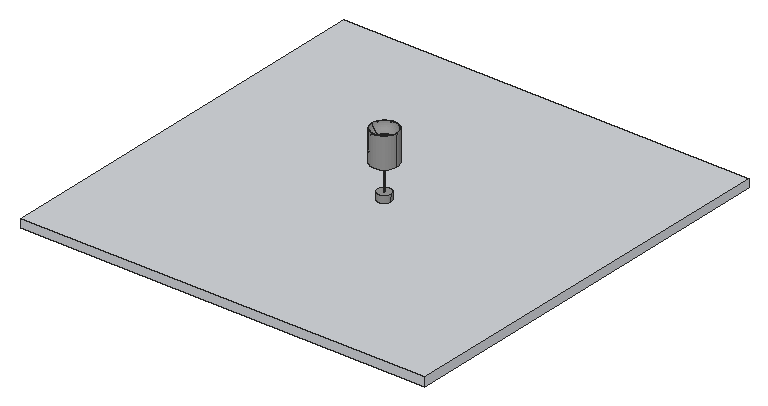
Revit family "LAMP_KOMBIC 150 SURFACE 3000 CRI80 OPTIC", category Luminarias, Revit 2018
Family settings
  Anfitrión = Cara
  Cota de conector redondo = Diámetro de uso
  Tipo de pieza = Normal
  Corte con vacíos al cargar = No
  Origen de luz = Sí
  Compartido = No
  Punto de cálculo de habitación = No
Parameters (values of type "1613LM 3000K  B/B")
  Ángulo de inclinación = -90.00°
  Weight = 1.738 kg
  UGR = "19"
  Type = "COB PHILIPS"
  Protection rating = "IP40"
  Product datasheet = "http://www.lamp.es/product-files/TECH/K21SF3040WF830NBB-EN.pdf"
  Product code = "K21SF3040WF830NBB"
  Product URL = "https://www.lamp.es/en/family/kombic-surface_474354"
  Power Supply = "220-240V 50/60Hz"
  Power = 17.6 W
  Plum = 19.8 W
  Modelo = Product code  # "K21SF3040WF830NBB"
  Model explanation = "Possibility of chossing between surface or suspended within the model"
  Material reflector = LAMP_PC Reflector Kombic Metalizado Negro
  Material floron = LAMP_Plástico genérico NG
  Material difusor = LAMP_PMMA Difusor Kombic
  Material cuerpo = LAMP_Plástico genérico NG
  Material cable suspension = LAMP_Acero genérico
  Manufacturer name = "LAMP"
  Manufacturer country = "Spain"
  Manufacturer URL = "http://www.lamp.es/en"
  MacAdam = "3"
  Luminaire type = "Suspended"
  Last update = "07/10/2021"
  Lamp = "COB LED"
  LED Lifetime = "50.000 L80 B10"
  Insulation class = "II"
  Installation instructions = "https://www.lamp.es/product-files/packed/by-family/474354_INS_all.zip"
  IEE = "A+"
  Height suspension [instance] = 200 mm
  Height distance [instance] = if(Surface, 0.1 mm, if(Ceiling rose, if(Height suspension > 38 mm, if(Height suspension < 2000 mm, Height suspension, 2000 mm), 38 mm), 37 mm))  # 200 mm
  Wattage = 19.8 W
  built-in parameter 1150107 = 3000 (stored number, unit not read)
  Surface [instance] = no
  built-in parameter 1150110 = 1 (stored number, unit not read)
  built-in parameter 1150109 = 1 (stored number, unit not read)
  built-in parameter 1150112 = 1 (stored number, unit not read)
  built-in parameter 1150113 = 1 (stored number, unit not read)
  built-in parameter 1114218 = 1 (stored number, unit not read)
  built-in parameter 1150137 = (empty or 0)
  built-in parameter 1150132 = 2
  built-in parameter 1150105 = 1843.1 (stored number, unit not read)
  built-in parameter 1150102 = (empty or 0)
  built-in parameter 1150106 = 18.431 (stored number, unit not read)
  Height = 180 mm
  Gear = "Electronic"
  Lumens = 1613.7 lm
  Finish = "Matte black RAL 9011"
  Color Filter = 16777215
  built-in parameter 1114217 = 1 (stored number, unit not read)
  built-in parameter 1150139 = (empty or 0)
  Fabricante = Manufacturer name  # "LAMP"
  Default Elevation = 1219.2 mm
  built-in parameter 1150104 = 7.5716 (stored number, unit not read)
  Efficacy = 81.5 lm/W
  Diameter = 150 mm
  built-in parameter 1150115 = 1 (stored number, unit not read)
  built-in parameter 1150114 = 1 (stored number, unit not read)
  built-in parameter 1150138 = (empty or 0)
  built-in parameter 1150134 = (empty or 0)
  Ceiling rose [instance] = not(Surface)  # yes
  Dimming Lamp Color Temperature Shift = (empty or 0)
  CRI = "80"
  Archivo de red fotométrica = "K21SF3040WF830NBB.IES"
  built-in parameter 1150133 = 10 (stored number, unit not read)
Types (12, lengths in mm): name | Product datasheet | Product code | Modelo | Material reflector | Material floron | Material cuerpo | built-in parameter 1150107 | built-in parameter 1150105 | built-in parameter 1150106 | Lumens | Finish | built-in parameter 1150104 | Efficacy | built-in parameter 1150134 | Archivo de red fotométrica
  1613LM 3000K  B/B | "http://www.lamp.es/product-files/TECH/K21SF3040WF830NBB-EN.pdf" | "K21SF3040WF830NBB" | "K21SF3040WF830NBB" | LAMP_PC Reflector Kombic Metalizado Negro | LAMP_Plástico genérico NG | LAMP_Plástico genérico NG | 3000 (stored number, unit not read) | 1843.1 (stored number, unit not read) | 18.431 (stored number, unit not read) | 1613.7 lm | "Matte black RAL 9011" | 7.5716 (stored number, unit not read) | 81.5 lm/W | (empty or 0) | "K21SF3040WF830NBB.IES"
  1613LM 3000K  B/W | "http://www.lamp.es/product-files/TECH/K21SF3040WF830NBW-EN.pdf" | "K21SF3040WF830NBW" | "K21SF3040WF830NBW" | LAMP_PC Reflector Kombic Metalizado Negro | LAMP_Plástico genérico BL | LAMP_Plástico genérico BL | 3000 (stored number, unit not read) | 1843.1 (stored number, unit not read) | 18.431 (stored number, unit not read) | 1613.7 lm | "Matte white RAL 9010" | 7.5716 (stored number, unit not read) | 81.5 lm/W | (empty or 0) | "K21SF3040WF830NBW.IES"
  1618LM 3000K  M/B | "http://www.lamp.es/product-files/TECH/K21SF3040WF830NMB-EN.pdf" | "K21SF3040WF830NMB" | "K21SF3040WF830NMB" | LAMP_PC Reflector Kombic Metalizado Mate | LAMP_Plástico genérico NG | LAMP_Plástico genérico NG | 3000 (stored number, unit not read) | 1847.6 (stored number, unit not read) | 18.476 (stored number, unit not read) | 1617.66 lm | "Matte black RAL 9011" | 7.5902 (stored number, unit not read) | 81.7 lm/W | (empty or 0) | "K21SF3040WF830NMB.IES"
  1618LM 3000K  M/W | "http://www.lamp.es/product-files/TECH/K21SF3040WF830NMW-EN.pdf" | "K21SF3040WF830NMW" | "K21SF3040WF830NMW" | LAMP_PC Reflector Kombic Metalizado Mate | LAMP_Plástico genérico BL | LAMP_Plástico genérico BL | 3000 (stored number, unit not read) | 1847.6 (stored number, unit not read) | 18.476 (stored number, unit not read) | 1617.66 lm | "Matte white RAL 9010" | 7.5902 (stored number, unit not read) | 81.7 lm/W | (empty or 0) | "K21SF3040WF830NMW.IES"
  1667LM 3000K  W/B | "http://www.lamp.es/product-files/TECH/K21SF3040WF830NWB-EN.pdf" | "K21SF3040WF830NWB" | "K21SF3040WF830NWB" | LAMP_PC Reflector Kombic Blanco | LAMP_Plástico genérico NG | LAMP_Plástico genérico NG | 3000 (stored number, unit not read) | 1904.1 (stored number, unit not read) | 19.041 (stored number, unit not read) | 1667.16 lm | "Matte black RAL 9011" | 7.8224 (stored number, unit not read) | 84.2 lm/W | (empty or 0) | "K21SF3040WF830NWB.IES"
  1667LM 3000K  W/W | "http://www.lamp.es/product-files/TECH/K21SF3040WF830NWW-EN.pdf" | "K21SF3040WF830NWW" | "K21SF3040WF830NWW" | LAMP_PC Reflector Kombic Blanco | LAMP_Plástico genérico BL | LAMP_Plástico genérico BL | 3000 (stored number, unit not read) | 1904.1 (stored number, unit not read) | 19.041 (stored number, unit not read) | 1667.16 lm | "Matte white RAL 9010" | 7.8224 (stored number, unit not read) | 84.2 lm/W | (empty or 0) | "K21SF3040WF830NWW.IES"
  1680LM 4000K  B/B | "http://www.lamp.es/product-files/TECH/K21SF3040WF840NBB-EN.pdf" | "K21SF3040WF840NBB" | "K21SF3040WF840NBB" | LAMP_PC Reflector Kombic Metalizado Negro | LAMP_Plástico genérico NG | LAMP_Plástico genérico NG | 4000 (stored number, unit not read) | 1917.7 (stored number, unit not read) | 19.177 (stored number, unit not read) | 1679.04 lm | "Matte black RAL 9011" | 7.8782 (stored number, unit not read) | 84.8 lm/W | 12 | "K21SF3040WF840NBB.IES"
  1680LM 4000K  B/W | "http://www.lamp.es/product-files/TECH/K21SF3040WF840NBW-EN.pdf" | "K21SF3040WF840NBW" | "K21SF3040WF840NBW" | LAMP_PC Reflector Kombic Metalizado Negro | LAMP_Plástico genérico BL | LAMP_Plástico genérico BL | 4000 (stored number, unit not read) | 1917.7 (stored number, unit not read) | 19.177 (stored number, unit not read) | 1679.04 lm | "Matte white RAL 9010" | 7.8782 (stored number, unit not read) | 84.8 lm/W | 12 | "K21SF3040WF840NBW.IES"
  1685LM 4000K  M/B | "http://www.lamp.es/product-files/TECH/K21SF3040WF840NMB-EN.pdf" | "K21SF3040WF840NMB" | "K21SF3040WF840NMB" | LAMP_PC Reflector Kombic Metalizado Mate | LAMP_Plástico genérico NG | LAMP_Plástico genérico NG | 4000 (stored number, unit not read) | 1924.5 (stored number, unit not read) | 19.245 (stored number, unit not read) | 1684.98 lm | "Matte black RAL 9011" | 7.906 (stored number, unit not read) | 85.1 lm/W | 12 | "K21SF3040WF840NMB.IES"
  1685LM 4000K  M/W | "http://www.lamp.es/product-files/TECH/K21SF3040WF840NMW-EN.pdf" | "K21SF3040WF840NMW" | "K21SF3040WF840NMW" | LAMP_PC Reflector Kombic Metalizado Mate | LAMP_Plástico genérico BL | LAMP_Plástico genérico BL | 4000 (stored number, unit not read) | 1924.5 (stored number, unit not read) | 19.245 (stored number, unit not read) | 1684.98 lm | "Matte white RAL 9010" | 7.906 (stored number, unit not read) | 85.1 lm/W | 12 | "K21SF3040WF840NMW.IES"
  1737LM 4000K  W/B | "http://www.lamp.es/product-files/TECH/K21SF3040WF840NWB-EN.pdf" | "K21SF3040WF840NWB" | "K21SF3040WF840NWB" | LAMP_PC Reflector Kombic Blanco | LAMP_Plástico genérico NG | LAMP_Plástico genérico NG | 4000 (stored number, unit not read) | 1983.3 (stored number, unit not read) | 19.833 (stored number, unit not read) | 1736.46 lm | "Matte black RAL 9011" | 8.1476 (stored number, unit not read) | 87.7 lm/W | 12 | "K21SF3040WF840NWB.IES"
  1737LM 4000K  W/W | "http://www.lamp.es/product-files/TECH/K21SF3040WF840NWW-EN.pdf" | "K21SF3040WF840NWW" | "K21SF3040WF840NWW" | LAMP_PC Reflector Kombic Blanco | LAMP_Plástico genérico BL | LAMP_Plástico genérico BL | 4000 (stored number, unit not read) | 1983.3 (stored number, unit not read) | 19.833 (stored number, unit not read) | 1736.46 lm | "Matte white RAL 9010" | 8.1476 (stored number, unit not read) | 87.7 lm/W | 12 | "K21SF3040WF840NWW.IES"
Reference planes
  plane 1 "Centro (Frontal/Posterior)": y = 0
  plane 2: z = 0
  plane 3 "Centro (Izquierda/Derecha)": x = 0
Forms (mm)
  Extrusion 1, solid
    sketch origin (0, 0, 0) x (1, 0, 0) y (0, 1, 0)
      loop
        line (-1219.2, 1219.2) -> (-1219.2, -1219.2) -> (1219.2, -1219.2) -> (1219.2, 1219.2) -> (-1219.2, 1219.2)
    from 0 to -50
  Extrusion 2, solid, material "LAMP_Plástico genérico NG" <- "Material cuerpo"
    sketch origin (0, 0, 0) x (1, 0, 0) y (0, 1, 0)
      loop
        circle (0, 0) r 77.5
    from 200 to 380
  Extrusion 3, void
    sketch origin (0, 0, 0) x (1, 0, 0) y (0, 1, 0)
      loop
        circle (0, 0) r 76.5
    from 270.588 to 380
  Sweep 4, solid, material "LAMP_PC Reflector Kombic Metalizado Negro" <- "Material reflector"
    path origin (105.103, -251.845, 380) x (1, 0, 0) y (0, 1, 0)
      loop
        circle (-105.103, 251.959) r 48
    profile origin (0, 48.114, 380) x (0, -1, 0) y (0, 0, 1)
      loop
        arc (-28.386, 0) -> (-15.5, -31.664) -> (14.364, -48.3) r 51.542
        line (14.364, -48.3) -> (14.364, -47.3)
        arc (14.364, -47.3) -> (-14.949, -31.098) -> (-27.386, 0) r 49.836
        line (-27.386, 0) -> (-28.386, 0)
  Extrusion 5, solid, material "LAMP_PMMA Difusor Kombic" <- "Material difusor"
    sketch origin (0, 0, 0) x (1, 0, 0) y (0, 1, 0)
      loop
        circle (0, 0) r 33.636
    from 331.7 to 332.7
  Extrusion 6, solid, material "LAMP_Plástico genérico NG" <- "Material floron", visible <- "Ceiling rose"
    sketch origin (0, 0, 0) x (1, 0, 0) y (0, 1, 0)
      loop
        circle (0, 0) r 42
    from 0 to 37
  Extrusion 7, solid, material "LAMP_Acero genérico" <- "Material cable suspension", visible <- "Ceiling rose"
    sketch origin (0, 0, 0) x (1, 0, 0) y (0, 1, 0)
      loop
        circle (0, 0) r 1
    from 37 to 200
Cuts and joins
  Extrusion 3 cuts Extrusion 2
Text (mm)
  text "Any modification of the parameters and properties of the LAMP BIM models must be executed and validated by the LAMP technical department.\nPhone: +34 93 736 68 00\nE-mail: lamp@lamp.es\n\nLAMP reserves the right to modify the technical specifications of its products." at (1856.491, -4316.333, -2622.127), in view "Preview"
Dimensions and locks
  "Height distance": Extrusion 2 to Extrusion 1
  locked: Extrusion 2 to Extrusion 2 at 180
  locked: cut or joined group of Extrusion 2, Extrusion 3 to cut or joined group of Extrusion 2, Extrusion 3 at 109.412
  aligned and locked: plane 2 to Extrusion 1
  aligned and locked: level to Extrusion 1
  aligned and locked: Extrusion 2 to Extrusion 3
  aligned and locked: Extrusion 7 to Extrusion 6
  aligned and locked: Extrusion 7 to cut or joined group of Extrusion 2, Extrusion 3
  aligned and locked: imposter light to cut or joined group of Extrusion 2, Extrusion 3
  aligned and locked: Extrusion 5 to Sweep 4  (x2)
Automatic sketch dimensions
  Extrusion 1 sketch curve to Extrusion 1 sketch curve = 2438.4 mm  (x2)
  plane 1 "Centro (Frontal/Posterior)" to Extrusion 2 sketch curve = 0 mm
  Extrusion 2 sketch curve to plane 3 "Centro (Izquierda/Derecha)" = 0 mm
  plane 1 "Centro (Frontal/Posterior)" to Extrusion 3 sketch curve = 0 mm
  Extrusion 3 sketch curve to plane 3 "Centro (Izquierda/Derecha)" = 0 mm
  plane 1 "Centro (Frontal/Posterior)" to Extrusion 6 sketch curve = 0 mm
  Extrusion 6 sketch curve to plane 3 "Centro (Izquierda/Derecha)" = 0 mm
  plane 1 "Centro (Frontal/Posterior)" to Extrusion 7 sketch curve = 0 mm
  Extrusion 7 sketch curve to plane 3 "Centro (Izquierda/Derecha)" = 0 mm
  Sweep 4 sketch curve to profile plane = 0 mm
  profile plane to Sweep 4 sketch curve = 28.386 mm
  profile plane to Sweep 4 sketch curve = 1.881 mm
  Sweep 4 sketch curve to profile plane = 22.414 mm
  Sweep 4 sketch curve to Sweep 4 sketch curve = 0.681 mm
  Sweep 4 sketch curve to Sweep 4 sketch curve = 1 mm  (x2)
  Sweep 4 sketch curve to profile plane = 14.364 mm
  plane 1 "Centro (Frontal/Posterior)" to Extrusion 5 sketch curve = 0 mm
  Extrusion 5 sketch curve to plane 3 "Centro (Izquierda/Derecha)" = 0 mm
  radius of Extrusion 2 sketch curve = 77.5 mm
  radius of Extrusion 3 sketch curve = 76.5 mm
  radius of Sweep 4 sketch curve = 48 mm
  radius of Extrusion 6 sketch curve = 42 mm
  radius of Extrusion 7 sketch curve = 1 mm
  radius of Extrusion 5 sketch curve = 33.636 mm
Connectors
  electrical at (0, 0, 200)
    settings: on cut or joined group of Extrusion 2, Extrusion 3, index 1, voltage 230 V, apparent load 0 VA, apparent load phase1 0 VA, apparent load phase2 0 VA, apparent load phase3 0 VA, power factor 1, load classification "Otro", number of poles 1, system type 31, power factor state 1, is connector primary yes, connector utility no, sub classification motor no, connector description ""
